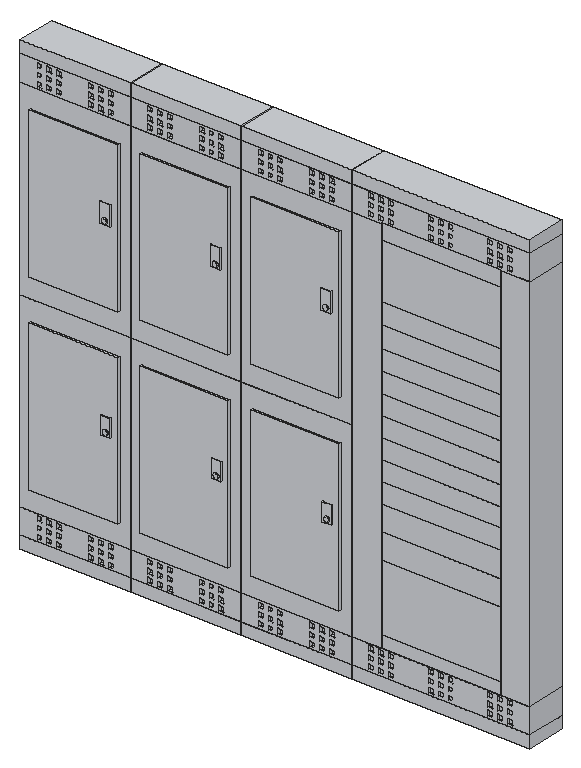
Revit family "Switchboard", category Generic Models, Revit 2025
Family settings
  Can host rebar = No
  Round Connector Dimension = Use Diameter
  Part Type = Normal
  Work Plane-Based = No
  Always vertical = Yes
  Cut with Voids When Loaded = No
  Maintain Annotation Orientation = No
  Shared = No
  Room Calculation Point = No
Parameters
  Width = 8' - 8"
  Default Elevation = 0' - 0"
Reference planes (in)
  plane 1 "Center (Front/Back)": y = 0
  plane 2: z = 0
  plane 3 "Center (Left/Right)": x = 0
  plane 4: x = -51.875
  plane 5: x = 0
  plane 6: y = 0
  plane 7 "center": z = 46.25
  plane 8: x = 51.875
Dimensions and locks (in)
  plane 5 to plane 4 = 4' - 3 7/8"
  plane 8 to plane 5 = 4' - 3 7/8"
  aligned and locked: level to plane 2
Nested families (in)
  nested 1: "Appliance Panel Top" at (-40.625, 0, 46.25), type "Standard"
  nested 2: "Appliance Panel Top" at (-18.125, 0, 46.25), type "Standard"
  nested 3: "Appliance Panel Top" at (4.375, 0, 46.25), type "Standard"
  nested 4: "Appliance Panel Bottom" at (-40.625, 0, 0), type "Standard"
  nested 5: "Appliance Panel Bottom" at (-18.125, 0, 0), type "Standard"
  nested 6: "Appliance Panel Bottom" at (4.375, 0, 0), type "Standard"
  nested 7: "Main Distribution Panel" at (33.75, 0, 0), type "Standard"
Definition of nested family "Appliance Panel Top"
  Parameters (values of type "Standard")
    Width = 1' - 10 1/2"
    Panel Width = 1' - 6"
    Depth = 0' - 8"
    Default Elevation = 4' - 0"
  Reference planes (in)
    plane 1 "Center (Front/Back)": y = 0
    plane 2: z = 0
    plane 3 "Center (Left/Right)": x = 0
    plane 4: z = 38.75
    plane 5: z = 44
    plane 6: z = 46.5
  Forms (in)
    Extrusion 1, solid
      sketch origin (0, 0, 0) x (1, 0, 0) y (0, 1, 0)
        loop
          line (-11.25, 4) -> (-11.25, -4) -> (11.25, -4) -> (11.25, 4) -> (-11.25, 4)
      from 0 to 38.75
    Extrusion 2, solid
      sketch origin (0, 0, 38.75) x (1, 0, 0) y (0, 1, 0)
        loop
          line (-11.25, 4) -> (-11.25, -4) -> (11.25, -4) -> (11.25, 4) -> (-11.25, 4)
      from 0 to 5.25
    Extrusion 3, solid
      sketch origin (0, 0, 44) x (1, 0, 0) y (0, 1, 0)
        loop
          line (-11.25, 4) -> (-11.25, -4) -> (11.25, -4) -> (11.25, 4) -> (-11.25, 4)
      from 0 to 2.5
    Extrusion 4, solid
      sketch origin (11.25, -4, 38.75) x (-1, 0, 0) y (0, 0, -1)
        loop
          line (20.25, 4.125) -> (20.25, 34.5) -> (2.25, 34.5) -> (2.25, 4.125) -> (20.25, 4.125)
      from 0 to 0.5
    Extrusion 5, solid
      sketch origin (11.25, -4.5, 38.75) x (-1, 0, 0) y (0, 0, -1)
        loop
          line (5.75, 15.5) -> (5.75, 19.5) -> (3.75, 19.5) -> (3.75, 15.5) -> (5.75, 15.5)
      from 0.16797 to 0
    Extrusion 6, solid
      sketch origin (11.25, -4.66797, 38.75) x (-1, 0, 0) y (0, 0, -1)
        loop
          circle (4.75, 18.75) r 0.5
      from 0 to 0.125
    Extrusion 7, void
      sketch origin (11.25, -4, 38.75) x (1, 0, 0) y (0, 0, -1)
        loop
          line (-19, -4.83333) -> (-18, -4.83333) -> (-18, -3.83333) -> (-19, -3.83333) -> (-19, -4.83333)
        loop
          line (-19, -3.125) -> (-18, -3.125) -> (-18, -2.125) -> (-19, -2.125) -> (-19, -3.125)
        loop
          line (-19, -1.4375) -> (-18, -1.4375) -> (-18, -0.4375) -> (-19, -0.4375) -> (-19, -1.4375)
        loop
          line (-17, -4.83333) -> (-16, -4.83333) -> (-16, -3.83333) -> (-17, -3.83333) -> (-17, -4.83333)
        loop
          line (-17, -3.125) -> (-16, -3.125) -> (-16, -2.125) -> (-17, -2.125) -> (-17, -3.125)
        loop
          line (-17, -1.4375) -> (-16, -1.4375) -> (-16, -0.4375) -> (-17, -0.4375) -> (-17, -1.4375)
        loop
          line (-15, -4.83333) -> (-14, -4.83333) -> (-14, -3.83333) -> (-15, -3.83333) -> (-15, -4.83333)
        loop
          line (-15, -3.125) -> (-14, -3.125) -> (-14, -2.125) -> (-15, -2.125) -> (-15, -3.125)
        loop
          line (-15, -1.4375) -> (-14, -1.4375) -> (-14, -0.4375) -> (-15, -0.4375) -> (-15, -1.4375)
        loop
          line (-3.5, -4.83333) -> (-3.5, -3.83333) -> (-4.5, -3.83333) -> (-4.5, -4.83333) -> (-3.5, -4.83333)
        loop
          line (-3.5, -3.125) -> (-3.5, -2.125) -> (-4.5, -2.125) -> (-4.5, -3.125) -> (-3.5, -3.125)
        loop
          line (-3.5, -1.4375) -> (-3.5, -0.4375) -> (-4.5, -0.4375) -> (-4.5, -1.4375) -> (-3.5, -1.4375)
        loop
          line (-5.5, -4.83333) -> (-5.5, -3.83333) -> (-6.5, -3.83333) -> (-6.5, -4.83333) -> (-5.5, -4.83333)
        loop
          line (-5.5, -3.125) -> (-5.5, -2.125) -> (-6.5, -2.125) -> (-6.5, -3.125) -> (-5.5, -3.125)
        loop
          line (-5.5, -1.4375) -> (-5.5, -0.4375) -> (-6.5, -0.4375) -> (-6.5, -1.4375) -> (-5.5, -1.4375)
        loop
          line (-7.5, -4.83333) -> (-7.5, -3.83333) -> (-8.5, -3.83333) -> (-8.5, -4.83333) -> (-7.5, -4.83333)
        loop
          line (-7.5, -3.125) -> (-7.5, -2.125) -> (-8.5, -2.125) -> (-8.5, -3.125) -> (-7.5, -3.125)
        loop
          line (-7.5, -1.4375) -> (-7.5, -0.4375) -> (-8.5, -0.4375) -> (-8.5, -1.4375) -> (-7.5, -1.4375)
      from 0 to 0.5
  Cuts and joins
    Extrusion 7 cuts Extrusion 2
  Dimensions and locks (in)
    equal spacing: Extrusion 1 sketch curve, plane 3 "Center (Left/Right)", Extrusion 1 sketch curve
    equal spacing: Extrusion 1 sketch curve, plane 1 "Center (Front/Back)", Extrusion 1 sketch curve
    "Width": Extrusion 1 sketch curve to Extrusion 1 sketch curve
    "Depth": Extrusion 1 sketch curve to Extrusion 1 sketch curve
    plane 4 to plane 2 = 3' - 2 3/4"
    equal spacing: Extrusion 2 sketch curve, plane 3 "Center (Left/Right)", Extrusion 2 sketch curve
    equal spacing: Extrusion 2 sketch curve, plane 1 "Center (Front/Back)", Extrusion 2 sketch curve
    "Width": Extrusion 2 sketch curve to Extrusion 2 sketch curve
    "Depth": Extrusion 2 sketch curve to Extrusion 2 sketch curve
    plane 5 to plane 4 = 0' - 5 1/4"
    Extrusion 3 sketch curve to Extrusion 3 sketch curve = 1' - 10 1/2"
    equal spacing: Extrusion 3 sketch curve, plane 1 "Center (Front/Back)", Extrusion 3 sketch curve
    "Width": Extrusion 3 sketch curve to Extrusion 3 sketch curve
    "Depth": Extrusion 3 sketch curve to Extrusion 3 sketch curve
    plane 6 to plane 5 = 0' - 2 1/2"
    equal spacing: Extrusion 4 sketch curve, plane 3 "Center (Left/Right)", Extrusion 4 sketch curve
    "Panel Width": Extrusion 4 sketch curve to Extrusion 4 sketch curve
    Extrusion 4 sketch curve to plane 2 = 0' - 4 1/4"
    Extrusion 5 sketch curve to Extrusion 4 = 1' - 3"
    Extrusion 5 sketch curve to Extrusion 4 = 0' - 1 1/2"
    aligned and locked: plane 2 to level
    aligned and locked: plane 4 to Extrusion 1
    aligned and locked: plane 5 to Extrusion 2
    aligned and locked: plane 6 to Extrusion 3
  Automatic sketch dimensions
    Extrusion 5 sketch curve to Extrusion 5 sketch curve = 0' - 2"
    Extrusion 5 sketch curve to Extrusion 5 sketch curve = 0' - 4"
    Extrusion 6 sketch curve to Extrusion 5 = 0' - 1"
    Extrusion 6 sketch curve to Extrusion 5 = 0' - 0 3/4"
    Extrusion 7 sketch curve to Extrusion 2 = 0' - 0.41667"  (x6)
    Extrusion 7 sketch curve to Extrusion 2 = 0' - 3 1/2"
    Extrusion 7 sketch curve to Extrusion 7 sketch curve = 0' - 0"  (x25)
    Extrusion 7 sketch curve to Extrusion 7 sketch curve = 0' - 1"  (x20)
    Extrusion 7 sketch curve to Extrusion 2 = 0' - 2 1/8"
    Extrusion 7 sketch curve to Extrusion 7 sketch curve = 0' - 5 1/2"
    Extrusion 7 sketch curve to Extrusion 2 = 0' - 0 7/16"  (x6)
    Extrusion 7 sketch curve to Extrusion 7 sketch curve = 0' - 0.70833"  (x6)
    Extrusion 7 sketch curve to Extrusion 7 sketch curve = 0' - 0 11/16"  (x6)
    Extrusion 2 sketch curve to Extrusion 1 = 0' - 0"
    Extrusion 3 sketch curve to Extrusion 2 = 0' - 0"  (x2)
    Extrusion 4 sketch curve to Extrusion 2 = 0' - 4 1/8"
    radius of Extrusion 6 sketch curve = 0' - 0 1/2"
Definition of nested family "Appliance Panel Bottom"
  Parameters (values of type "Standard")
    Width = 1' - 10 1/2"
    Panel Width = 1' - 6"
    Depth = 0' - 8"
    Default Elevation = 4' - 0"
  Reference planes (in)
    plane 1 "Center (Front/Back)": y = 0
    plane 2: z = 0
    plane 3 "Center (Left/Right)": x = 0
    plane 4: z = 2.5
    plane 5: z = 7.625
    plane 6: z = 46.25
    plane 7: x = -11.25
    plane 8: z = 5.91667
    plane 9: z = 4.20833
    plane 10: z = 5.0625
    plane 11: z = 6.77083
    plane 12: z = 3.35417
    plane 13: x = 6.6875
  Forms (in)
    Extrusion 1, solid
      sketch origin (0, 0, 0) x (1, 0, 0) y (0, 1, 0)
        loop
          line (-11.25, 4) -> (-11.25, -4) -> (11.25, -4) -> (11.25, 4) -> (-11.25, 4)
      from 0 to 2.5
    Extrusion 2, solid
      sketch origin (0, 0, 2.5) x (1, 0, 0) y (0, 1, 0)
        loop
          line (-11.25, 4) -> (-11.25, -4) -> (11.25, -4) -> (11.25, 4) -> (-11.25, 4)
      from 0 to 5.125
    Extrusion 3, solid
      sketch origin (0, 0, 7.625) x (1, 0, 0) y (0, 1, 0)
        loop
          line (-11.25, 4) -> (-11.25, -4) -> (11.25, -4) -> (11.25, 4) -> (-11.25, 4)
      from 0 to 38.625
    Extrusion 4, void
      sketch origin (11.25, -4, 2.5) x (1, 0, 0) y (0, 0, -1)
        loop
          line (-19, -4.77083) -> (-18, -4.77083) -> (-18, -3.77083) -> (-19, -3.77083) -> (-19, -4.77083)
        loop
          line (-19, -3.0625) -> (-18, -3.0625) -> (-18, -2.0625) -> (-19, -2.0625) -> (-19, -3.0625)
        loop
          line (-19, -1.375) -> (-18, -1.375) -> (-18, -0.375) -> (-19, -0.375) -> (-19, -1.375)
        loop
          line (-17, -4.77083) -> (-16, -4.77083) -> (-16, -3.77083) -> (-17, -3.77083) -> (-17, -4.77083)
        loop
          line (-17, -3.0625) -> (-16, -3.0625) -> (-16, -2.0625) -> (-17, -2.0625) -> (-17, -3.0625)
        loop
          line (-17, -1.375) -> (-16, -1.375) -> (-16, -0.375) -> (-17, -0.375) -> (-17, -1.375)
        loop
          line (-15, -4.77083) -> (-14, -4.77083) -> (-14, -3.77083) -> (-15, -3.77083) -> (-15, -4.77083)
        loop
          line (-15, -3.0625) -> (-14, -3.0625) -> (-14, -2.0625) -> (-15, -2.0625) -> (-15, -3.0625)
        loop
          line (-15, -1.375) -> (-14, -1.375) -> (-14, -0.375) -> (-15, -0.375) -> (-15, -1.375)
        loop
          line (-3.5, -4.77083) -> (-3.5, -3.77083) -> (-4.5, -3.77083) -> (-4.5, -4.77083) -> (-3.5, -4.77083)
        loop
          line (-3.5, -3.0625) -> (-3.5, -2.0625) -> (-4.5, -2.0625) -> (-4.5, -3.0625) -> (-3.5, -3.0625)
        loop
          line (-3.5, -1.375) -> (-3.5, -0.375) -> (-4.5, -0.375) -> (-4.5, -1.375) -> (-3.5, -1.375)
        loop
          line (-5.5, -4.77083) -> (-5.5, -3.77083) -> (-6.5, -3.77083) -> (-6.5, -4.77083) -> (-5.5, -4.77083)
        loop
          line (-5.5, -3.0625) -> (-5.5, -2.0625) -> (-6.5, -2.0625) -> (-6.5, -3.0625) -> (-5.5, -3.0625)
        loop
          line (-5.5, -1.375) -> (-5.5, -0.375) -> (-6.5, -0.375) -> (-6.5, -1.375) -> (-5.5, -1.375)
        loop
          line (-7.5, -4.77083) -> (-7.5, -3.77083) -> (-8.5, -3.77083) -> (-8.5, -4.77083) -> (-7.5, -4.77083)
        loop
          line (-7.5, -3.0625) -> (-7.5, -2.0625) -> (-8.5, -2.0625) -> (-8.5, -3.0625) -> (-7.5, -3.0625)
        loop
          line (-7.5, -1.375) -> (-7.5, -0.375) -> (-8.5, -0.375) -> (-8.5, -1.375) -> (-7.5, -1.375)
      from 0 to 0.5
    Extrusion 5, solid
      sketch origin (11.25, -4, 7.625) x (-1, 0, 0) y (0, 0, -1)
        loop
          line (20.25, -34.5) -> (20.25, -4.125) -> (2.25, -4.125) -> (2.25, -34.5) -> (20.25, -34.5)
      from 0 to 0.5
    Extrusion 6, solid
      sketch origin (11.375, -4.5, 7.625) x (-1, 0, 0) y (0, 0, -1)
        loop
          line (5.625, -23) -> (5.625, -19.375) -> (3.75, -19.375) -> (3.75, -23) -> (5.625, -23)
      from 0.16797 to 0
    Extrusion 7, solid
      sketch origin (11.375, -4.66797, 7.625) x (-1, 0, 0) y (0, 0, -1)
        loop
          circle (4.6875, -20.125) r 0.5
      from 0 to 0.125
    Extrusion 8, solid, not visible
      sketch origin (11.25, -4.75, 56.5) x (-1, 0, 0) y (0, 0, -1)
        loop
          line (20.25, 10.25) -> (20.25, 43.5) -> (2.25, 43.5) -> (2.25, 10.25) -> (20.25, 10.25)
      from 0 to 0.5
    Extrusion 9, solid, not visible
      sketch origin (11.25, -5.25, 56.5) x (-1, 0, 0) y (0, 0, -1)
        loop
          line (5.75, 24.25) -> (5.75, 28.25) -> (3.75, 28.25) -> (3.75, 24.25) -> (5.75, 24.25)
      from 0.16797 to 0
    Extrusion 10, solid, not visible
      sketch origin (11.25, -5.41797, 56.5) x (-1, 0, 0) y (0, 0, -1)
        loop
          circle (4.75, 27.5) r 0.5
      from 0 to 0.125
  Cuts and joins
    Extrusion 4 cuts Extrusion 2
  Dimensions and locks (in)
    equal spacing: Extrusion 1 sketch curve, plane 3 "Center (Left/Right)", Extrusion 1 sketch curve
    "Width": Extrusion 1 sketch curve to Extrusion 1 sketch curve
    plane 4 to plane 2 = 0' - 2 1/2"
    equal spacing: Extrusion 2 sketch curve, plane 3 "Center (Left/Right)", Extrusion 2 sketch curve
    equal spacing: Extrusion 2 sketch curve, plane 1 "Center (Front/Back)", Extrusion 2 sketch curve
    "Width": Extrusion 2 sketch curve to Extrusion 2 sketch curve
    "Depth": Extrusion 2 sketch curve to Extrusion 2 sketch curve
    plane 5 to plane 4 = 0' - 5 1/8"
    equal spacing: Extrusion 3 sketch curve, plane 3 "Center (Left/Right)", Extrusion 3 sketch curve
    "Width": Extrusion 3 sketch curve to Extrusion 3 sketch curve
    plane 6 to plane 5 = 3' - 2 5/8"
    Extrusion 6 sketch curve to Extrusion 5 = 1' - 3 1/4"
    Extrusion 6 sketch curve to Extrusion 5 = 0' - 1 3/8"
    Extrusion 9 sketch curve to Extrusion 8 = 1' - 3 1/4"
    Extrusion 9 sketch curve to Extrusion 8 = 0' - 1 1/2"
    Extrusion 5 to plane 5 = 0' - 4 1/8"
    equal spacing: cut or joined group of Extrusion 2, Extrusion 4, plane 11, plane 8, plane 10, plane 9, plane 12, cut or joined group of Extrusion 2, Extrusion 4
    Extrusion 5 to Extrusion 6 = 0' - 1 3/8"
    Extrusion 6 sketch curve to Extrusion 6 sketch curve = 0' - 1 7/8"
    equal spacing: Extrusion 3 sketch curve, plane 1 "Center (Front/Back)", Extrusion 3 sketch curve
    "Depth": Extrusion 3 sketch curve to Extrusion 3 sketch curve
    equal spacing: Extrusion 1 sketch curve, plane 1 "Center (Front/Back)", Extrusion 1 sketch curve
    "Depth": Extrusion 1 sketch curve to Extrusion 1 sketch curve
    aligned and locked: plane 2 to level
    aligned and locked: plane 4 to Extrusion 1
    aligned and locked: plane 5 to Extrusion 2
    aligned and locked: plane 6 to Extrusion 3
  Automatic sketch dimensions
    Extrusion 9 sketch curve to Extrusion 9 sketch curve = 0' - 2"
    Extrusion 9 sketch curve to Extrusion 9 sketch curve = 0' - 4"
    Extrusion 10 sketch curve to Extrusion 9 = 0' - 1"
    Extrusion 10 sketch curve to Extrusion 9 = 0' - 0 3/4"
    Extrusion 8 sketch curve to Extrusion 8 sketch curve = 1' - 6"
    Extrusion 8 sketch curve to Extrusion 8 sketch curve = 2' - 9 1/4"
    Extrusion 4 sketch curve to Extrusion 2 = 0' - 0.35417"  (x6)
    Extrusion 4 sketch curve to Extrusion 2 = 0' - 3 1/2"
    Extrusion 4 sketch curve to Extrusion 4 sketch curve = 0' - 0"  (x23)
    Extrusion 4 sketch curve to Extrusion 4 sketch curve = 0' - 1"  (x22)
    Extrusion 4 sketch curve to Extrusion 2 = 0' - 2 1/16"
    Extrusion 4 sketch curve to Extrusion 4 sketch curve = 0' - 5 1/2"
    Extrusion 4 sketch curve to Extrusion 2 = 0' - 0 3/8"  (x6)
    Extrusion 4 sketch curve to Extrusion 4 sketch curve = 0' - 0.70833"  (x6)
    Extrusion 4 sketch curve to Extrusion 4 sketch curve = 0' - 0 11/16"  (x6)
    Extrusion 6 sketch curve to Extrusion 6 sketch curve = 0' - 3 5/8"
    Extrusion 7 sketch curve to Extrusion 6 = 0' - 0 15/16"
    Extrusion 7 sketch curve to Extrusion 6 = 0' - 0 3/4"
    Extrusion 5 sketch curve to Extrusion 3 = 0' - 2 1/4"
    Extrusion 3 to Extrusion 5 sketch curve = 0' - 2 1/4"
    Extrusion 3 to Extrusion 5 sketch curve = 0' - 4 1/8"  (x2)
    Extrusion 2 sketch curve to Extrusion 1 = 0' - 0"
    Extrusion 3 sketch curve to Extrusion 2 = 0' - 0"
    radius of Extrusion 10 sketch curve = 0' - 0 1/2"
    radius of Extrusion 7 sketch curve = 0' - 0 1/2"
Definition of nested family "Main Distribution Panel"
  Parameters (values of type "Standard")
    Width = 3' - 0 1/4"
    Deoth = 0' - 8"
    Default Elevation = 0' - 0"
  Reference planes (in)
    plane 1 "Center (Front/Back)": y = 0
    plane 2: z = 0
    plane 3 "Center (Left/Right)": x = 0
    plane 4: z = 2.5
    plane 5: z = 7.625
    plane 6: z = 85.125
    plane 7: z = 101.5
    plane 8: z = 87.6875
  Forms (in)
    Extrusion 1, solid
      sketch origin (0, 0, 0) x (1, 0, 0) y (0, 1, 0)
        loop
          line (-18.125, 4) -> (-18.125, -4) -> (18.125, -4) -> (18.125, 4) -> (-18.125, 4)
      from 0 to 2.5
    Extrusion 2, solid
      sketch origin (0, 0, 2.5) x (1, 0, 0) y (0, 1, 0)
        loop
          line (-18.125, 4) -> (-18.125, -4) -> (18.125, -4) -> (18.125, 4) -> (-18.125, 4)
      from 0 to 5.125
    Extrusion 3, solid
      sketch origin (0, 0, 7.625) x (1, 0, 0) y (0, 1, 0)
        loop
          line (-18.125, 4) -> (-18.125, -4) -> (-12.125, -4) -> (-12.125, 4) -> (-18.125, 4)
        loop
          line (18.125, 4) -> (12.125, 4) -> (12.125, -4) -> (18.125, -4) -> (18.125, 4)
      from 0 to 77.5
    Extrusion 4, solid
      sketch origin (0, 0, 7.625) x (1, 0, 0) y (0, 1, 0)
        loop
          line (-12.125, 4) -> (-12.125, -4) -> (12.125, -4) -> (12.125, 4) -> (-12.125, 4)
      from 0 to 2.375
    Extrusion 5, solid
      sketch origin (0, 0, 10) x (1, 0, 0) y (0, 1, 0)
        loop
          line (-12.125, 4) -> (-12.125, -4) -> (12.125, -4) -> (12.125, 4) -> (-12.125, 4)
      from 0 to 13.75
    Extrusion 6, solid
      sketch origin (0, 0, 23.75) x (1, 0, 0) y (0, 1, 0)
        loop
          line (-12.125, 4) -> (-12.125, -4) -> (12.125, -4) -> (12.125, 4) -> (-12.125, 4)
      from 0 to 5.125
    Extrusion 7, solid
      sketch origin (0, 0, 28.875) x (1, 0, 0) y (0, 1, 0)
        loop
          line (-12.125, 4) -> (-12.125, -4) -> (12.125, -4) -> (12.125, 4) -> (-12.125, 4)
      from 0 to 5.125
    Extrusion 8, solid
      sketch origin (0, 0, 34) x (1, 0, 0) y (0, 1, 0)
        loop
          line (-12.125, 4) -> (-12.125, -4) -> (12.125, -4) -> (12.125, 4) -> (-12.125, 4)
      from 0 to 4
    Extrusion 9, solid
      sketch origin (0, 0, 38) x (1, 0, 0) y (0, 1, 0)
        loop
          line (-12.125, 4) -> (-12.125, -4) -> (12.125, -4) -> (12.125, 4) -> (-12.125, 4)
      from 0 to 4
    Extrusion 10, solid
      sketch origin (0, 0, 42) x (1, 0, 0) y (0, 1, 0)
        loop
          line (-12.125, 4) -> (-12.125, -4) -> (12.125, -4) -> (12.125, 4) -> (-12.125, 4)
      from 0 to 4
    Extrusion 11, solid
      sketch origin (0, 0, 46) x (1, 0, 0) y (0, 1, 0)
        loop
          line (-12.125, 4) -> (-12.125, -4) -> (12.125, -4) -> (12.125, 4) -> (-12.125, 4)
      from 0 to 4
    Extrusion 12, solid
      sketch origin (0, 0, 50) x (1, 0, 0) y (0, 1, 0)
        loop
          line (-12.125, 4) -> (-12.125, -4) -> (12.125, -4) -> (12.125, 4) -> (-12.125, 4)
      from 0 to 4
    Extrusion 13, solid
      sketch origin (0, 0, 54) x (1, 0, 0) y (0, 1, 0)
        loop
          line (-12.125, 4) -> (-12.125, -4) -> (12.125, -4) -> (12.125, 4) -> (-12.125, 4)
      from 0 to 4.25
    Extrusion 14, solid
      sketch origin (0, 0, 58.25) x (1, 0, 0) y (0, 1, 0)
        loop
          line (-12.125, 4) -> (-12.125, -4) -> (12.125, -4) -> (12.125, 4) -> (-12.125, 4)
      from 0 to 4
    Extrusion 15, solid
      sketch origin (0, 0, 62.25) x (1, 0, 0) y (0, 1, 0)
        loop
          line (-12.125, 4) -> (-12.125, -4) -> (12.125, -4) -> (12.125, 4) -> (-12.125, 4)
      from 0 to 4.25
    Extrusion 16, solid
      sketch origin (0, 0, 66.5) x (1, 0, 0) y (0, 1, 0)
        loop
          line (-12.125, 4) -> (-12.125, -4) -> (12.125, -4) -> (12.125, 4) -> (-12.125, 4)
      from 0 to 4.25
    Extrusion 17, solid
      sketch origin (0, 0, 70.75) x (1, 0, 0) y (0, 1, 0)
        loop
          line (-12.125, 4) -> (-12.125, -4) -> (12.125, -4) -> (12.125, 4) -> (-12.125, 4)
      from 0 to 11.25
    Extrusion 18, solid
      sketch origin (0, 0, 90.25) x (1, 0, 0) y (0, 1, 0)
        loop
          line (-18.125, 4) -> (-18.125, -4) -> (18.125, -4) -> (18.125, 4) -> (-18.125, 4)
      from 0 to 2.5
    Extrusion 19, solid
      sketch origin (0, 0, 85.125) x (1, 0, 0) y (0, 1, 0)
        loop
          line (-18.125, 4) -> (-18.125, -4) -> (18.125, -4) -> (18.125, 4) -> (-18.125, 4)
      from 0 to 5.125
    Extrusion 20, void
      sketch origin (18.125, -4, 85.125) x (1, 0, 0) y (0, 0, -1)
        loop
          line (-3.54167, 77.79167) -> (-3.54167, 78.79167) -> (-4.54167, 78.79167) -> (-4.54167, 77.79167) -> (-3.54167, 77.79167)
        loop
          line (-3.54167, 79.5) -> (-3.54167, 80.5) -> (-4.54167, 80.5) -> (-4.54167, 79.5) -> (-3.54167, 79.5)
        loop
          line (-3.54167, 81.1875) -> (-3.54167, 82.1875) -> (-4.54167, 82.1875) -> (-4.54167, 81.1875) -> (-3.54167, 81.1875)
        loop
          line (-5.54167, 77.79167) -> (-5.54167, 78.79167) -> (-6.54167, 78.79167) -> (-6.54167, 77.79167) -> (-5.54167, 77.79167)
        loop
          line (-5.54167, 79.5) -> (-5.54167, 80.5) -> (-6.54167, 80.5) -> (-6.54167, 79.5) -> (-5.54167, 79.5)
        loop
          line (-5.54167, 81.1875) -> (-5.54167, 82.1875) -> (-6.54167, 82.1875) -> (-6.54167, 81.1875) -> (-5.54167, 81.1875)
        loop
          line (-7.54167, 77.79167) -> (-7.54167, 78.79167) -> (-8.54167, 78.79167) -> (-8.54167, 77.79167) -> (-7.54167, 77.79167)
        loop
          line (-7.54167, 79.5) -> (-7.54167, 80.5) -> (-8.54167, 80.5) -> (-8.54167, 79.5) -> (-7.54167, 79.5)
        loop
          line (-7.54167, 81.1875) -> (-7.54167, 82.1875) -> (-8.54167, 82.1875) -> (-8.54167, 81.1875) -> (-7.54167, 81.1875)
        loop
          line (-15.625, 77.79167) -> (-15.625, 78.79167) -> (-16.625, 78.79167) -> (-16.625, 77.79167) -> (-15.625, 77.79167)
        loop
          line (-15.625, 79.5) -> (-15.625, 80.5) -> (-16.625, 80.5) -> (-16.625, 79.5) -> (-15.625, 79.5)
        loop
          line (-15.625, 81.1875) -> (-15.625, 82.1875) -> (-16.625, 82.1875) -> (-16.625, 81.1875) -> (-15.625, 81.1875)
        loop
          line (-17.625, 77.79167) -> (-17.625, 78.79167) -> (-18.625, 78.79167) -> (-18.625, 77.79167) -> (-17.625, 77.79167)
        loop
          line (-17.625, 79.5) -> (-17.625, 80.5) -> (-18.625, 80.5) -> (-18.625, 79.5) -> (-17.625, 79.5)
        loop
          line (-17.625, 81.1875) -> (-17.625, 82.1875) -> (-18.625, 82.1875) -> (-18.625, 81.1875) -> (-17.625, 81.1875)
        loop
          line (-19.625, 77.79167) -> (-19.625, 78.79167) -> (-20.625, 78.79167) -> (-20.625, 77.79167) -> (-19.625, 77.79167)
        loop
          line (-19.625, 79.5) -> (-19.625, 80.5) -> (-20.625, 80.5) -> (-20.625, 79.5) -> (-19.625, 79.5)
        loop
          line (-19.625, 81.1875) -> (-19.625, 82.1875) -> (-20.625, 82.1875) -> (-20.625, 81.1875) -> (-19.625, 81.1875)
        loop
          line (-27.70833, 77.79167) -> (-27.70833, 78.79167) -> (-28.70833, 78.79167) -> (-28.70833, 77.79167) -> (-27.70833, 77.79167)
        loop
          line (-27.70833, 79.5) -> (-27.70833, 80.5) -> (-28.70833, 80.5) -> (-28.70833, 79.5) -> (-27.70833, 79.5)
        loop
          line (-27.70833, 81.1875) -> (-27.70833, 82.1875) -> (-28.70833, 82.1875) -> (-28.70833, 81.1875) -> (-27.70833, 81.1875)
        loop
          line (-29.70833, 77.79167) -> (-29.70833, 78.79167) -> (-30.70833, 78.79167) -> (-30.70833, 77.79167) -> (-29.70833, 77.79167)
        loop
          line (-29.70833, 79.5) -> (-29.70833, 80.5) -> (-30.70833, 80.5) -> (-30.70833, 79.5) -> (-29.70833, 79.5)
        loop
          line (-29.70833, 81.1875) -> (-29.70833, 82.1875) -> (-30.70833, 82.1875) -> (-30.70833, 81.1875) -> (-29.70833, 81.1875)
        loop
          line (-31.70833, 77.79167) -> (-31.70833, 78.79167) -> (-32.70833, 78.79167) -> (-32.70833, 77.79167) -> (-31.70833, 77.79167)
        loop
          line (-31.70833, 79.5) -> (-31.70833, 80.5) -> (-32.70833, 80.5) -> (-32.70833, 79.5) -> (-31.70833, 79.5)
        loop
          line (-31.70833, 81.1875) -> (-31.70833, 82.1875) -> (-32.70833, 82.1875) -> (-32.70833, 81.1875) -> (-31.70833, 81.1875)
        loop
          line (-3.54167, -4.77083) -> (-3.54167, -3.77083) -> (-4.54167, -3.77083) -> (-4.54167, -4.77083) -> (-3.54167, -4.77083)
        loop
          line (-3.54167, -3.0625) -> (-3.54167, -2.0625) -> (-4.54167, -2.0625) -> (-4.54167, -3.0625) -> (-3.54167, -3.0625)
        loop
          line (-3.54167, -1.375) -> (-3.54167, -0.375) -> (-4.54167, -0.375) -> (-4.54167, -1.375) -> (-3.54167, -1.375)
        loop
          line (-5.54167, -4.77083) -> (-5.54167, -3.77083) -> (-6.54167, -3.77083) -> (-6.54167, -4.77083) -> (-5.54167, -4.77083)
        loop
          line (-5.54167, -3.0625) -> (-5.54167, -2.0625) -> (-6.54167, -2.0625) -> (-6.54167, -3.0625) -> (-5.54167, -3.0625)
        loop
          line (-5.54167, -1.375) -> (-5.54167, -0.375) -> (-6.54167, -0.375) -> (-6.54167, -1.375) -> (-5.54167, -1.375)
        loop
          line (-7.54167, -4.77083) -> (-7.54167, -3.77083) -> (-8.54167, -3.77083) -> (-8.54167, -4.77083) -> (-7.54167, -4.77083)
        loop
          line (-7.54167, -3.0625) -> (-7.54167, -2.0625) -> (-8.54167, -2.0625) -> (-8.54167, -3.0625) -> (-7.54167, -3.0625)
        loop
          line (-7.54167, -1.375) -> (-7.54167, -0.375) -> (-8.54167, -0.375) -> (-8.54167, -1.375) -> (-7.54167, -1.375)
        loop
          line (-15.625, -4.77083) -> (-15.625, -3.77083) -> (-16.625, -3.77083) -> (-16.625, -4.77083) -> (-15.625, -4.77083)
        loop
          line (-15.625, -3.0625) -> (-15.625, -2.0625) -> (-16.625, -2.0625) -> (-16.625, -3.0625) -> (-15.625, -3.0625)
        loop
          line (-15.625, -1.375) -> (-15.625, -0.375) -> (-16.625, -0.375) -> (-16.625, -1.375) -> (-15.625, -1.375)
        loop
          line (-17.625, -4.77083) -> (-17.625, -3.77083) -> (-18.625, -3.77083) -> (-18.625, -4.77083) -> (-17.625, -4.77083)
        loop
          line (-17.625, -3.0625) -> (-17.625, -2.0625) -> (-18.625, -2.0625) -> (-18.625, -3.0625) -> (-17.625, -3.0625)
        loop
          line (-17.625, -1.375) -> (-17.625, -0.375) -> (-18.625, -0.375) -> (-18.625, -1.375) -> (-17.625, -1.375)
        loop
          line (-19.625, -4.77083) -> (-19.625, -3.77083) -> (-20.625, -3.77083) -> (-20.625, -4.77083) -> (-19.625, -4.77083)
        loop
          line (-19.625, -3.0625) -> (-19.625, -2.0625) -> (-20.625, -2.0625) -> (-20.625, -3.0625) -> (-19.625, -3.0625)
        loop
          line (-19.625, -1.375) -> (-19.625, -0.375) -> (-20.625, -0.375) -> (-20.625, -1.375) -> (-19.625, -1.375)
        loop
          line (-27.70833, -4.77083) -> (-27.70833, -3.77083) -> (-28.70833, -3.77083) -> (-28.70833, -4.77083) -> (-27.70833, -4.77083)
        loop
          line (-27.70833, -3.0625) -> (-27.70833, -2.0625) -> (-28.70833, -2.0625) -> (-28.70833, -3.0625) -> (-27.70833, -3.0625)
        loop
          line (-27.70833, -1.375) -> (-27.70833, -0.375) -> (-28.70833, -0.375) -> (-28.70833, -1.375) -> (-27.70833, -1.375)
        loop
          line (-29.70833, -4.77083) -> (-29.70833, -3.77083) -> (-30.70833, -3.77083) -> (-30.70833, -4.77083) -> (-29.70833, -4.77083)
        loop
          line (-29.70833, -3.0625) -> (-29.70833, -2.0625) -> (-30.70833, -2.0625) -> (-30.70833, -3.0625) -> (-29.70833, -3.0625)
        loop
          line (-29.70833, -1.375) -> (-29.70833, -0.375) -> (-30.70833, -0.375) -> (-30.70833, -1.375) -> (-29.70833, -1.375)
        loop
          line (-31.70833, -4.77083) -> (-31.70833, -3.77083) -> (-32.70833, -3.77083) -> (-32.70833, -4.77083) -> (-31.70833, -4.77083)
        loop
          line (-31.70833, -3.0625) -> (-31.70833, -2.0625) -> (-32.70833, -2.0625) -> (-32.70833, -3.0625) -> (-31.70833, -3.0625)
        loop
          line (-31.70833, -1.375) -> (-31.70833, -0.375) -> (-32.70833, -0.375) -> (-32.70833, -1.375) -> (-31.70833, -1.375)
      from 0 to 0.25
    Extrusion 21, solid
      sketch origin (0, 0, 82) x (1, 0, 0) y (0, 1, 0)
        loop
          line (-12.125, 4) -> (-12.125, -4) -> (12.125, -4) -> (12.125, 4) -> (-12.125, 4)
      from 0 to 3.125
  Cuts and joins
    Extrusion 20 cuts Extrusion 2
    Extrusion 20 cuts Extrusion 19
  Dimensions and locks (in)
    equal spacing: Extrusion 1 sketch curve, plane 1 "Center (Front/Back)", Extrusion 1 sketch curve
    "Deoth": Extrusion 1 sketch curve to Extrusion 1 sketch curve
    equal spacing: Extrusion 1 sketch curve, plane 3 "Center (Left/Right)", Extrusion 1 sketch curve
    "Width": Extrusion 1 sketch curve to Extrusion 1 sketch curve
    plane 4 to plane 2 = 0' - 2 1/2"
    Extrusion 2 sketch curve to Extrusion 2 sketch curve = 0' - 8"
    "Deoth": Extrusion 2 sketch curve to Extrusion 2 sketch curve
    Extrusion 2 sketch curve to Extrusion 2 sketch curve = 3' - 0 1/4"
    "Width": Extrusion 2 sketch curve to Extrusion 2 sketch curve
    plane 5 to plane 4 = 0' - 5 1/8"
    "Deoth": Extrusion 3 sketch curve to Extrusion 3 sketch curve
    plane 6 to plane 5 = 6' - 5 1/2"
    Extrusion 2 to Extrusion 3 sketch curve = 0' - 6"
    Extrusion 4 sketch curve to Extrusion 4 sketch curve = 0' - 8"
    "Deoth": Extrusion 4 sketch curve to Extrusion 4 sketch curve
    Extrusion 5 sketch curve to Extrusion 5 sketch curve = 0' - 8"
    "Deoth": Extrusion 5 sketch curve to Extrusion 5 sketch curve
    Extrusion 6 sketch curve to Extrusion 6 sketch curve = 0' - 8"
    "Deoth": Extrusion 6 sketch curve to Extrusion 6 sketch curve
    Extrusion 7 sketch curve to Extrusion 7 sketch curve = 0' - 8"
    "Deoth": Extrusion 7 sketch curve to Extrusion 7 sketch curve
    Extrusion 8 sketch curve to Extrusion 8 sketch curve = 0' - 8"
    "Deoth": Extrusion 8 sketch curve to Extrusion 8 sketch curve
    Extrusion 9 sketch curve to Extrusion 9 sketch curve = 0' - 8"
    "Deoth": Extrusion 9 sketch curve to Extrusion 9 sketch curve
    Extrusion 10 sketch curve to Extrusion 10 sketch curve = 0' - 8"
    "Deoth": Extrusion 10 sketch curve to Extrusion 10 sketch curve
    Extrusion 11 sketch curve to Extrusion 11 sketch curve = 0' - 8"
    "Deoth": Extrusion 11 sketch curve to Extrusion 11 sketch curve
    Extrusion 12 sketch curve to Extrusion 12 sketch curve = 0' - 8"
    "Deoth": Extrusion 12 sketch curve to Extrusion 12 sketch curve
    Extrusion 15 to Extrusion 15 to Extrusion 13 to Extrusion 12 to Extrusion 12 to Extrusion 11 to Extrusion 10 to Extrusion 9 to Extrusion 8 to Extrusion 7 to Extrusion 6 = 0' - 4 1/4", 0' - 4", 0' - 4 1/4", 0' - 4", 0' - 4", 0' - 4", 0' - 4", 0' - 4", 0' - 5 1/8", 0' - 5 1/8"
    Extrusion 13 sketch curve to Extrusion 13 sketch curve = 0' - 8"
    "Deoth": Extrusion 13 sketch curve to Extrusion 13 sketch curve
    Extrusion 14 sketch curve to Extrusion 14 sketch curve = 0' - 8"
    "Deoth": Extrusion 14 sketch curve to Extrusion 14 sketch curve
    Extrusion 15 sketch curve to Extrusion 15 sketch curve = 0' - 8"
    "Deoth": Extrusion 15 sketch curve to Extrusion 15 sketch curve
    Extrusion 16 sketch curve to Extrusion 16 sketch curve = 0' - 8"
    "Deoth": Extrusion 16 sketch curve to Extrusion 16 sketch curve
    Extrusion 17 sketch curve to Extrusion 17 sketch curve = 0' - 8"
    "Deoth": Extrusion 17 sketch curve to Extrusion 17 sketch curve
    plane 7 to plane 2 = 8' - 5 1/2"
    Extrusion 18 sketch curve to Extrusion 18 sketch curve = 0' - 8"
    "Deoth": Extrusion 18 sketch curve to Extrusion 18 sketch curve
    Extrusion 18 sketch curve to Extrusion 18 sketch curve = 3' - 0 1/4"
    "Width": Extrusion 18 sketch curve to Extrusion 18 sketch curve
    Extrusion 19 sketch curve to Extrusion 19 sketch curve = 0' - 8"
    "Deoth": Extrusion 19 sketch curve to Extrusion 19 sketch curve
    Extrusion 19 sketch curve to Extrusion 19 sketch curve = 3' - 0 1/4"
    "Width": Extrusion 19 sketch curve to Extrusion 19 sketch curve
    Extrusion 6 to Extrusion 5 = 1' - 1 3/4"
    Extrusion 21 sketch curve to Extrusion 21 sketch curve = 0' - 8"
    "Deoth": Extrusion 21 sketch curve to Extrusion 21 sketch curve
    aligned and locked: plane 2 to level
    aligned and locked: plane 4 to Extrusion 1
    aligned and locked: plane 5 to Extrusion 2
    aligned and locked: plane 6 to Extrusion 3
    aligned and locked: plane 6 to Extrusion 21
  Automatic sketch dimensions
    Extrusion 20 sketch curve to Extrusion 19 = 0' - 0 3/8"  (x9)
    Extrusion 20 sketch curve to Extrusion 19 = 0' - 3.54167"  (x2)
    Extrusion 20 sketch curve to Extrusion 20 sketch curve = 0' - 0"  (x84)
    Extrusion 20 sketch curve to Extrusion 20 sketch curve = 0' - 1"  (x71)
    Extrusion 20 sketch curve to Extrusion 19 = 0' - 0.35417"  (x9)
    Extrusion 20 sketch curve to Extrusion 20 sketch curve = 0' - 7.08333"  (x4)
    Extrusion 20 sketch curve to Extrusion 20 sketch curve = 0' - 0.70833"  (x18)
    Extrusion 20 sketch curve to Extrusion 20 sketch curve = 0' - 0 11/16"  (x18)
    Extrusion 19 to Extrusion 20 sketch curve = 6' - 5.79167"
    Extrusion 2 sketch curve to Extrusion 1 = 0' - 0"  (x2)
    Extrusion 3 sketch curve to Extrusion 2 = 0' - 0"  (x4)
    Extrusion 2 to Extrusion 3 sketch curve = 0' - 0"
    Extrusion 3 sketch curve to Extrusion 3 sketch curve = 0' - 6"
    Extrusion 2 to Extrusion 4 sketch curve = 0' - 0"
    Extrusion 4 sketch curve to Extrusion 2 = 0' - 6"  (x2)
    Extrusion 5 sketch curve to Extrusion 4 = 0' - 0"  (x2)
    Extrusion 4 to Extrusion 5 sketch curve = 0' - 0"
    Extrusion 6 sketch curve to Extrusion 5 = 0' - 0"  (x2)
    Extrusion 5 to Extrusion 6 sketch curve = 0' - 0"
    Extrusion 7 sketch curve to Extrusion 6 = 0' - 0"  (x2)
    Extrusion 6 to Extrusion 7 sketch curve = 0' - 0"
    Extrusion 8 sketch curve to Extrusion 7 = 0' - 0"  (x2)
    Extrusion 7 to Extrusion 8 sketch curve = 0' - 0"
    Extrusion 9 sketch curve to Extrusion 8 = 0' - 0"  (x2)
    Extrusion 8 to Extrusion 9 sketch curve = 0' - 0"
    Extrusion 10 sketch curve to Extrusion 9 = 0' - 0"  (x2)
    Extrusion 9 to Extrusion 10 sketch curve = 0' - 0"
    Extrusion 11 sketch curve to Extrusion 10 = 0' - 0"  (x2)
    Extrusion 10 to Extrusion 11 sketch curve = 0' - 0"
    Extrusion 12 sketch curve to Extrusion 11 = 0' - 0"  (x2)
    Extrusion 11 to Extrusion 12 sketch curve = 0' - 0"
    Extrusion 13 sketch curve to Extrusion 12 = 0' - 0"  (x2)
    Extrusion 12 to Extrusion 13 sketch curve = 0' - 0"
    Extrusion 14 sketch curve to Extrusion 13 = 0' - 0"  (x2)
    Extrusion 13 to Extrusion 14 sketch curve = 0' - 0"
    Extrusion 15 sketch curve to Extrusion 14 = 0' - 0"  (x2)
    Extrusion 14 to Extrusion 15 sketch curve = 0' - 0"
    Extrusion 16 sketch curve to Extrusion 15 = 0' - 0"  (x2)
    Extrusion 15 to Extrusion 16 sketch curve = 0' - 0"
    Extrusion 17 sketch curve to Extrusion 16 = 0' - 0"  (x2)
    Extrusion 16 to Extrusion 17 sketch curve = 0' - 0"
    Extrusion 18 sketch curve to Extrusion 19 = 0' - 0"  (x2)
    Extrusion 19 sketch curve to Extrusion 3 = 0' - 0"  (x2)
    Extrusion 21 sketch curve to Extrusion 17 = 0' - 0"  (x2)
    Extrusion 17 to Extrusion 21 sketch curve = 0' - 0"
